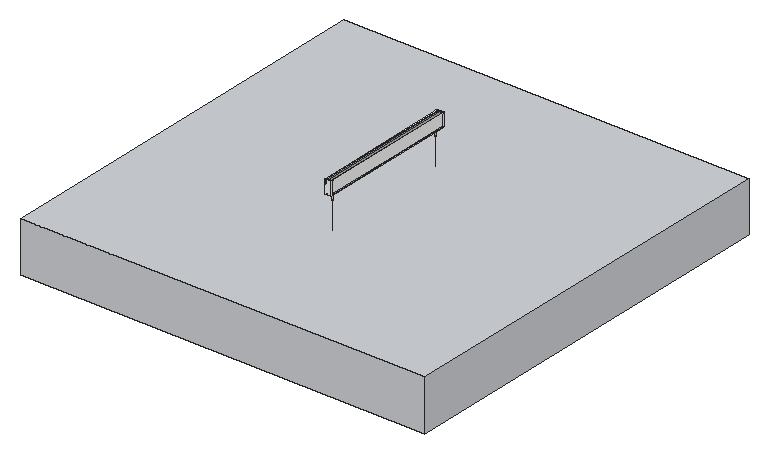
Revit family "LAMP_FIL 35 1680MM D-I OPAL COMFORT", category Luminarias, Revit 2018
Family settings
  Anfitrión = Cara
  Cota de conector redondo = Diámetro de uso
  Tipo de pieza = Normal
  Corte con vacíos al cargar = No
  Origen de luz = Sí
  Compartido = No
  Punto de cálculo de habitación = No
Parameters (values of type "3388LM 3000K  BLACK")
  Ángulo de inclinación = -90.00°
  Weight = 3.65 kg
  Wattage = 19.38 W
  Type = "MID POWER TRIDONIC"
  built-in parameter 1150107 = 3000 (stored number, unit not read)
  NOT COVER 2 [instance] = not(END COVER 2)  # no
  NOT COVER 1 [instance] = not(END COVER 1)  # no
  Indirect light = LAMP_FIL 35 1680MM D-I OPAL COMFORT_I : 3000K
  END COVER 2 [instance] = yes
  END COVER 1 [instance] = yes
  Suspension distance [instance] = if(Suspension > 4000 mm, 4000 mm, if(Suspension < 1 mm, 1 mm, Suspension))  # 200 mm
  Suspension [instance] = 200 mm
  built-in parameter 1150110 = 1 (stored number, unit not read)
  built-in parameter 1150109 = 1 (stored number, unit not read)
  built-in parameter 1150112 = 1 (stored number, unit not read)
  built-in parameter 1150113 = 1 (stored number, unit not read)
  built-in parameter 1114218 = 1 (stored number, unit not read)
  Protection rating = "IP20 / IK07"
  Product datasheet = "http://www.lamp.es/product-files/TECH/F31SF168LOIO830DG-EN.pdf"
  Product code = "F31SF168LOIO830DG"
  Product URL = "https://www.lamp.es/en/family/fil-35_413911"
  Power Supply = "220-240V 50/60Hz"
  Power = 27 W
  Plum = 32.3 W
  Photobiological risk = ""
  built-in parameter 1150137 = (empty or 0)
  built-in parameter 1150132 = 2
  Modelo = Product code  # "F31SF168LOIO830DG"
  Model Explanation = ""
  Material suspension = LAMP_Acero genérico
  Material perfil = LAMP_Aluminio Perfil Fil NG
  Material difusor = LAMP_PC Difusor Opal Fil
  Manufacturer name = "LAMP"
  Manufacturer country = "Spain"
  Manufacturer URL = "http://www.lamp.es/en"
  MacAdam = "3"
  Longitud de línea de emisión = 840 mm
  Last update = "14/05/2021"
  Lamp = "MID-POWER LED"
  LED Lifetime = "50.000 L90 B10"
  built-in parameter 1150105 = 161.78 (stored number, unit not read)
  built-in parameter 1150102 = (empty or 0)
  Insulation class = "I"
  Installation instructions = "https://www.lamp.es/product-files/INS/1004590-A%20INSTR.%20FIL35.pdf"
  built-in parameter 1150106 = 1.6178 (stored number, unit not read)
  IEE = "A+"
  Gear = "Electronic"
  Lumens = 2032.96 lm
  Finish = "Gloss grey"
  Color Filter = 16777215
  built-in parameter 1114217 = 1 (stored number, unit not read)
  built-in parameter 1150139 = (empty or 0)
  Fabricante = Manufacturer name  # "LAMP"
  Default Elevation = 1219.2 mm
  built-in parameter 1150104 = 9.7455 (stored number, unit not read)
  Efficacy = 104.9 lm/W
  Dimensions = "1680x35x80"
  Descripción = "FIL35 SUR 1680 2400 WW D/I OPAL DALI GR."
  built-in parameter 1150115 = 1 (stored number, unit not read)
  built-in parameter 1150114 = 1 (stored number, unit not read)
  built-in parameter 1150138 = (empty or 0)
  built-in parameter 1150134 = 3
  Dimming Lamp Color Temperature Shift = (empty or 0)
  CRI = "80"
  Archivo de red fotométrica = "F31SF168LOIC830NB_D.IES"
  built-in parameter 1150133 = 10 (stored number, unit not read)
Types (12, lengths in mm): name | built-in parameter 1150107 | Indirect light | Product datasheet | Product code | Modelo | Material perfil | built-in parameter 1150105 | built-in parameter 1150106 | Lumens | Finish | built-in parameter 1150104 | Efficacy | Descripción | Archivo de red fotométrica
  3209LM 3000K DALI BLACK | 3000 (stored number, unit not read) | LAMP_FIL 35 1680MM D-I OPAL COMFORT_I : 3000K | "http://www.lamp.es/product-files/TECH/F31SF168LOIC830NB-EN.pdf" | "F31SF168LOIC830NB" | "F31SF168LOIC830NB" | LAMP_Aluminio Perfil Fil NG | 153.14 (stored number, unit not read) | 1.5314 (stored number, unit not read) | 1924.43 lm | "Matte black RAL 9011" | 9.2253 (stored number, unit not read) | 99.3 lm/W | "FIL35 SUR 1680 2400 WW D/I COMF BK." | "F31SF168LOIC830NB_D.IES"
  3209LM 3000K DALI GREY | 3000 (stored number, unit not read) | LAMP_FIL 35 1680MM D-I OPAL COMFORT_I : 3000K | "http://www.lamp.es/product-files/TECH/F31SF168LOIC830NG-EN.pdf" | "F31SF168LOIC830NG" | "F31SF168LOIC830NG" | LAMP_Aluminio Perfil Fil GR | 153.14 (stored number, unit not read) | 1.5314 (stored number, unit not read) | 1924.43 lm | "Gloss grey" | 9.2253 (stored number, unit not read) | 99.3 lm/W | "FIL35 SUR 1680 2400 WW D/I COMF GR." | "F31SF168LOIC830NB_D.IES"
  3388LM 3000K DALI WHITE | 3000 (stored number, unit not read) | LAMP_FIL 35 1680MM D-I OPAL COMFORT_I : 3000K | "http://www.lamp.es/product-files/TECH/F31SF168LOIO830DB-EN.pdf" | "F31SF168LOIO830DB" | "F31SF168LOIO830DB" | LAMP_Aluminio Perfil Fil BL | 161.78 (stored number, unit not read) | 1.6178 (stored number, unit not read) | 2032.96 lm | "Matte black RAL 9011" | 9.7455 (stored number, unit not read) | 104.9 lm/W | "FIL35 SUR 1680 2400 WW D/I OPAL DALI BK." | "F31SF168LOIC830NB_D.IES"
  3388LM 3000K  BLACK | 3000 (stored number, unit not read) | LAMP_FIL 35 1680MM D-I OPAL COMFORT_I : 3000K | "http://www.lamp.es/product-files/TECH/F31SF168LOIO830DG-EN.pdf" | "F31SF168LOIO830DG" | "F31SF168LOIO830DG" | LAMP_Aluminio Perfil Fil NG | 161.78 (stored number, unit not read) | 1.6178 (stored number, unit not read) | 2032.96 lm | "Gloss grey" | 9.7455 (stored number, unit not read) | 104.9 lm/W | "FIL35 SUR 1680 2400 WW D/I OPAL DALI GR." | "F31SF168LOIC830NB_D.IES"
  3388LM 3000K  GREY | 3000 (stored number, unit not read) | LAMP_FIL 35 1680MM D-I OPAL COMFORT_I : 3000K | "http://www.lamp.es/product-files/TECH/F31SF168LOIO830DW-EN.pdf" | "F31SF168LOIO830DW" | "F31SF168LOIO830DW" | LAMP_Aluminio Perfil Fil GR | 161.78 (stored number, unit not read) | 1.6178 (stored number, unit not read) | 2032.96 lm | "Matte white RAL 9010" | 9.7455 (stored number, unit not read) | 104.9 lm/W | "FIL35 SUR 1680 2400 WW D/I OPAL DALI WH." | "F31SF168LOIC830NB_D.IES"
  3388LM 3000K  WHITE | 3000 (stored number, unit not read) | LAMP_FIL 35 1680MM D-I OPAL COMFORT_I : 3000K | "http://www.lamp.es/product-files/TECH/F31SF168LOIO830NW-EN.pdf" | "F31SF168LOIO830NW" | "F31SF168LOIO830NW" | LAMP_Aluminio Perfil Fil BL | 161.78 (stored number, unit not read) | 1.6178 (stored number, unit not read) | 2032.96 lm | "Matte white RAL 9010" | 9.7455 (stored number, unit not read) | 104.9 lm/W | "FIL35 SUR 1680 2400 WW D/I OPAL WH." | "F31SF168LOIC830NB_D.IES"
  3569LM 4000K DALI BLACK | 4000 (stored number, unit not read) | LAMP_FIL 35 1680MM D-I OPAL COMFORT_I : 4000K | "http://www.lamp.es/product-files/TECH/F31SF168LOIO840DB-EN.pdf" | "F31SF168LOIO840DB" | "F31SF168LOIO840DB" | LAMP_Aluminio Perfil Fil NG | 170.41 (stored number, unit not read) | 1.7041 (stored number, unit not read) | 2141.49 lm | "Matte black RAL 9011" | 10.266 (stored number, unit not read) | 110.5 lm/W | "FIL35 SUR 1680 2400 NW D/I OPAL DALI BK." | "F31SF168LOIO840NB_D.IES"
  3569LM 4000K DALI GREY | 4000 (stored number, unit not read) | LAMP_FIL 35 1680MM D-I OPAL COMFORT_I : 4000K | "http://www.lamp.es/product-files/TECH/F31SF168LOIO840DG-EN.pdf" | "F31SF168LOIO840DG" | "F31SF168LOIO840DG" | LAMP_Aluminio Perfil Fil GR | 170.41 (stored number, unit not read) | 1.7041 (stored number, unit not read) | 2141.49 lm | "Gloss grey" | 10.266 (stored number, unit not read) | 110.5 lm/W | "FIL35 SUR 1680 2400 NW D/I OPAL DALI GR." | "F31SF168LOIO840NB_D.IES"
  3569LM 4000K DALI WHITE | 4000 (stored number, unit not read) | LAMP_FIL 35 1680MM D-I OPAL COMFORT_I : 4000K | "http://www.lamp.es/product-files/TECH/F31SF168LOIO840DW-EN.pdf" | "F31SF168LOIO840DW" | "F31SF168LOIO840DW" | LAMP_Aluminio Perfil Fil BL | 170.41 (stored number, unit not read) | 1.7041 (stored number, unit not read) | 2141.49 lm | "Matte white RAL 9010" | 10.266 (stored number, unit not read) | 110.5 lm/W | "FIL35 SUR 1680 2400 NW D/I OPAL DALI WH." | "F31SF168LOIO840NB_D.IES"
  3569LM 4000K  BLACK | 4000 (stored number, unit not read) | LAMP_FIL 35 1680MM D-I OPAL COMFORT_I : 4000K | "http://www.lamp.es/product-files/TECH/F31SF168LOIO840NB-EN.pdf" | "F31SF168LOIO840NB" | "F31SF168LOIO840NB" | LAMP_Aluminio Perfil Fil NG | 170.41 (stored number, unit not read) | 1.7041 (stored number, unit not read) | 2141.49 lm | "Matte black RAL 9011" | 10.266 (stored number, unit not read) | 110.5 lm/W | "FIL35 SUR 1680 2400 NW D/I OPAL BK." | "F31SF168LOIO840NB_D.IES"
  3569LM 4000K  GREY | 4000 (stored number, unit not read) | LAMP_FIL 35 1680MM D-I OPAL COMFORT_I : 4000K | "http://www.lamp.es/product-files/TECH/F31SF168LOIO840NG-EN.pdf" | "F31SF168LOIO840NG" | "F31SF168LOIO840NG" | LAMP_Aluminio Perfil Fil GR | 170.41 (stored number, unit not read) | 1.7041 (stored number, unit not read) | 2141.49 lm | "Gloss grey" | 10.266 (stored number, unit not read) | 110.5 lm/W | "FIL35 SUR 1680 2400 NW D/I OPAL GR." | "F31SF168LOIO840NB_D.IES"
  3569LM 4000K  WHITE | 4000 (stored number, unit not read) | LAMP_FIL 35 1680MM D-I OPAL COMFORT_I : 4000K | "http://www.lamp.es/product-files/TECH/F31SF168LOIO840NW-EN.pdf" | "F31SF168LOIO840NW" | "F31SF168LOIO840NW" | LAMP_Aluminio Perfil Fil BL | 170.41 (stored number, unit not read) | 1.7041 (stored number, unit not read) | 2141.49 lm | "Matte white RAL 9010" | 10.266 (stored number, unit not read) | 110.5 lm/W | "FIL35 SUR 1680 2400 NW D/I OPAL WH." | "F31SF168LOIO840NB_D.IES"
Reference planes
  plane 1 "Centro (Frontal/Posterior)": y = 0
  plane 2: z = 0
  plane 3 "Centro (Izquierda/Derecha)": x = 0
Forms (mm)
  Extrusion 1, solid
    sketch origin (0, 0, 0) x (1, 0, 0) y (0, 1, 0)
      loop
        line (-1219.2, 1219.2) -> (-1219.2, -1219.2) -> (1219.2, -1219.2) -> (1219.2, 1219.2) -> (-1219.2, 1219.2)
    from 0 to -304.8
  Extrusion 2, solid, material "LAMP_Aluminio Perfil Fil NG" <- "Material perfil"
    sketch origin (0, 0, 0) x (1, 0, 0) y (0, 0, 1)
      loop
        arc (17.75, 285.7) -> (16.75, 286.7) -> (15.75, 285.7) r 1
        line (15.75, 285.7) -> (15.75, 284.2) -> (13.95, 284.2) -> (13.95, 259) -> (0, 259) -> (-13.95, 259) -> (-13.95, 284.2) -> (-15.75, 284.2) -> (-15.75, 285.7)
        arc (-15.75, 285.7) -> (-16.75, 286.7) -> (-17.75, 285.7) r 1
        line (-17.75, 285.7) -> (-17.75, 206.5) -> (-16.75, 206.5) -> (-16.75, 209.7) -> (-12.5, 209.7) -> (-12.5, 207.7) -> (-14.8, 207.7) -> (-13.6, 206.5) -> (-11, 206.5) -> (-11, 214.5) -> (0, 214.5) -> (11, 214.5) -> (11, 206.5) -> (13.6, 206.5) -> (14.8, 207.7) -> (12.5, 207.7) -> (12.5, 209.7) -> (16.75, 209.7) -> (16.75, 206.5) -> (17.75, 206.5) -> (17.75, 285.7)
    from -420 to 420
  Extrusion 3, solid, material "LAMP_Acero genérico" <- "Material suspension"
    sketch origin (0, 0, 0) x (1, 0, 0) y (0, 0, 1)
      loop
        line (-12.5, 201) -> (-15.291, 208.272) -> (-13.251, 209.7) -> (-14.251, 209.7) -> (-16.291, 208.272) -> (-13.116, 200) -> (0, 200) -> (13.116, 200) -> (16.291, 208.272) -> (14.251, 209.7) -> (13.251, 209.7) -> (15.291, 208.272) -> (12.5, 201) -> (0, 201) -> (-12.5, 201)
    from -400 to -378
  Extrusion 4, solid, material "LAMP_Acero genérico" <- "Material suspension"
    sketch origin (0, -24, 0) x (1, 0, 0) y (0, 1, 0)
      loop
        circle (0, -365) r 5
    from 163.2 to 200
  Extrusion 5, solid, material "LAMP_Acero genérico" <- "Material suspension"
    sketch origin (0, 24, 0) x (1, 0, 0) y (0, 1, 0)
      loop
        circle (0, 365) r 5
    from 163.2 to 200
  Extrusion 6, solid, material "LAMP_Acero genérico" <- "Material suspension"
    sketch origin (0, 0, 0) x (1, 0, 0) y (0, 1, 0)
      loop
        circle (0, -389) r 1
    from 0 to 163.2
  Extrusion 7, solid, material "LAMP_Acero genérico" <- "Material suspension"
    sketch origin (0, 0, 0) x (1, 0, 0) y (0, 1, 0)
      loop
        circle (0, 389) r 1
    from 0 to 163.2
  Extrusion 8, solid, material "LAMP_PC Difusor Opal Fil" <- "Material difusor"
    sketch origin (0, 0, -200) x (1, 0, 0) y (0, 0, 1)
      loop
        line (-15.75, 484.2) -> (0, 484.2) -> (15.75, 484.2) -> (15.75, 486.7) -> (0, 486.7) -> (-15.75, 486.7) -> (-15.75, 484.2)
    from 420 to -420
  Extrusion 9, solid, material "LAMP_Acero genérico" <- "Material suspension"
    sketch origin (0, 0, 0) x (1, 0, 0) y (0, 0, -1)
      loop
        line (-12.5, -201) -> (0, -201) -> (12.5, -201) -> (15.291, -208.272) -> (13.251, -209.7) -> (14.251, -209.7) -> (16.291, -208.272) -> (13.116, -200) -> (0, -200) -> (-13.116, -200) -> (-16.291, -208.272) -> (-14.251, -209.7) -> (-13.251, -209.7) -> (-15.291, -208.272) -> (-12.5, -201)
    from -400 to -378
  Extrusion 10, solid, material "LAMP_PC Difusor Opal Fil" <- "Material difusor"
    sketch origin (0, 0, 0) x (1, 0, 0) y (0, 0, 1)
      loop
        line (-11, 214.5) -> (-11, 206.5) -> (-7.529, 206.5) -> (11, 206.5) -> (11, 214.5) -> (10, 214.5) -> (10, 207.5) -> (-10, 207.5) -> (-10, 214.5) -> (-11, 214.5)
    from 420 to -420
Lines and regions (mm)
  reference lines
    curve 1: line (0, -445.47, 200) -> (0, 544.53, 200)
Text (mm)
  text "Any modification of the parameters and properties of the LAMP BIM models must be executed and validated by the LAMP technical department.\nPhone: +34 93 736 68 00\nE-mail: lamp@lamp.es\n\nLAMP reserves the right to modify the technical specifications of its products." at (3279.264, 5298.162, -2684.539), in view "Preview"
Dimensions and locks
  "Suspension distance": level to curve 1
  locked: Extrusion 4 to Extrusion 4 at 36.8
  locked: Extrusion 5 to Extrusion 5 at 36.8
  aligned and locked: plane 2 to Extrusion 1
  aligned and locked: level to Extrusion 1
  aligned and locked: curve 1 to Extrusion 9
  aligned and locked: curve 1 to Extrusion 3
  aligned and locked: Extrusion 4 to curve 1
  aligned and locked: Extrusion 5 to curve 1
  aligned and locked: Extrusion 6 to Extrusion 4
  aligned and locked: Extrusion 7 to Extrusion 5
  aligned and locked: Extrusion 2 to Extrusion 9
  aligned and locked: Extrusion 10 to Extrusion 2
  aligned and locked: Extrusion 8 to Extrusion 2
  aligned and locked: imposter light to Extrusion 8
  aligned and locked: Extrusion 2 to nested 1
  aligned and locked: nested 2 to Extrusion 2
Automatic sketch dimensions
  Extrusion 1 sketch curve to Extrusion 1 sketch curve = 2438.4 mm  (x2)
  Extrusion 4 sketch curve to plane 3 "Centro (Izquierda/Derecha)" = 0 mm
  plane 1 "Centro (Frontal/Posterior)" to Extrusion 4 sketch curve = 389 mm
  Extrusion 5 sketch curve to plane 3 "Centro (Izquierda/Derecha)" = 0 mm
  plane 1 "Centro (Frontal/Posterior)" to Extrusion 5 sketch curve = 389 mm
  Extrusion 6 sketch curve to plane 3 "Centro (Izquierda/Derecha)" = 0 mm
  plane 1 "Centro (Frontal/Posterior)" to Extrusion 6 sketch curve = 389 mm
  Extrusion 7 sketch curve to plane 3 "Centro (Izquierda/Derecha)" = 0 mm
  plane 1 "Centro (Frontal/Posterior)" to Extrusion 7 sketch curve = 389 mm
  Extrusion 10 sketch curve to plane 3 "Centro (Izquierda/Derecha)" = 11 mm
  Extrusion 10 sketch curve to Extrusion 10 sketch curve = 1 mm  (x3)
  Extrusion 10 sketch curve to Extrusion 10 sketch curve = 2.471 mm
  plane 3 "Centro (Izquierda/Derecha)" to Extrusion 10 sketch curve = 10 mm
  level to Extrusion 10 sketch curve = 206.5 mm
  Extrusion 10 sketch curve to Extrusion 10 sketch curve = 7 mm  (x2)
  Extrusion 2 sketch curve to plane 3 "Centro (Izquierda/Derecha)" = 0 mm  (x2)
  Extrusion 2 sketch curve to Extrusion 2 sketch curve = 11 mm
  Extrusion 2 sketch curve to Extrusion 2 sketch curve = 1.5 mm  (x4)
  Extrusion 2 sketch curve to Extrusion 2 sketch curve = 1.1 mm  (x2)
  Extrusion 2 sketch curve to plane 3 "Centro (Izquierda/Derecha)" = 13.95 mm
  Extrusion 2 sketch curve to Extrusion 2 sketch curve = 1.2 mm  (x4)
  Extrusion 2 sketch curve to Extrusion 2 sketch curve = 1.8 mm  (x2)
  Extrusion 2 sketch curve to Extrusion 2 sketch curve = 1 mm  (x3)
  plane 3 "Centro (Izquierda/Derecha)" to Extrusion 2 sketch curve = 11 mm
  plane 3 "Centro (Izquierda/Derecha)" to Extrusion 2 sketch curve = 13.95 mm
  Extrusion 2 sketch curve to Extrusion 2 sketch curve = 1.95 mm
  level to Extrusion 2 sketch curve = 206.5 mm
  Extrusion 2 sketch curve to Extrusion 2 sketch curve = 0 mm  (x3)
  Extrusion 2 sketch curve to Extrusion 2 sketch curve = 2 mm  (x2)
  Extrusion 2 sketch curve to Extrusion 2 sketch curve = 4.8 mm
  Extrusion 2 sketch curve to Extrusion 2 sketch curve = 44.5 mm
  Extrusion 2 sketch curve to Extrusion 2 sketch curve = 25.2 mm
  Extrusion 2 sketch curve to Extrusion 2 sketch curve = 26.7 mm
  Extrusion 8 sketch curve to plane 3 "Centro (Izquierda/Derecha)" = 0 mm  (x2)
  Extrusion 8 sketch curve to Extrusion 8 sketch curve = 15.75 mm
  plane 3 "Centro (Izquierda/Derecha)" to Extrusion 8 sketch curve = 15.75 mm
  level to Extrusion 8 sketch curve = 284.2 mm
  Extrusion 9 sketch curve to plane 3 "Centro (Izquierda/Derecha)" = 0 mm  (x2)
  Extrusion 9 sketch curve to Extrusion 9 sketch curve = 12.5 mm
  Extrusion 9 sketch curve to Extrusion 9 sketch curve = 0.616 mm  (x2)
  Extrusion 9 sketch curve to Extrusion 9 sketch curve = 0.751 mm  (x2)
  Extrusion 9 sketch curve to Extrusion 9 sketch curve = 1 mm  (x5)
  Extrusion 9 sketch curve to Extrusion 9 sketch curve = 1.04 mm  (x2)
  plane 3 "Centro (Izquierda/Derecha)" to Extrusion 9 sketch curve = 12.5 mm
  level to Extrusion 9 sketch curve = 209.7 mm
  Extrusion 9 sketch curve to Extrusion 9 sketch curve = 0 mm  (x3)
  Extrusion 9 sketch curve to Extrusion 9 sketch curve = 1.428 mm  (x2)
  Extrusion 9 sketch curve to Extrusion 9 sketch curve = 7.272 mm
  Extrusion 3 sketch curve to plane 3 "Centro (Izquierda/Derecha)" = 0 mm  (x2)
  Extrusion 3 sketch curve to Extrusion 3 sketch curve = 12.5 mm
  Extrusion 3 sketch curve to Extrusion 3 sketch curve = 0.616 mm  (x2)
  Extrusion 3 sketch curve to Extrusion 3 sketch curve = 0.751 mm  (x2)
  Extrusion 3 sketch curve to Extrusion 3 sketch curve = 1 mm  (x5)
  Extrusion 3 sketch curve to Extrusion 3 sketch curve = 1.04 mm  (x2)
  plane 3 "Centro (Izquierda/Derecha)" to Extrusion 3 sketch curve = 12.5 mm
  level to Extrusion 3 sketch curve = 200 mm
  Extrusion 3 sketch curve to Extrusion 3 sketch curve = 7.272 mm  (x2)
  Extrusion 3 sketch curve to Extrusion 3 sketch curve = 0 mm  (x2)
  Extrusion 3 sketch curve to Extrusion 3 sketch curve = 1.428 mm  (x2)
  Extrusion 8 sketch curve to Extrusion 8 sketch curve = 2.5 mm
  plane 1 "Centro (Frontal/Posterior)" to curve 1 = 445.47 mm
  curve 1 to plane 1 "Centro (Frontal/Posterior)" = 544.53 mm
  radius of Extrusion 4 sketch curve = 5 mm
  radius of Extrusion 5 sketch curve = 5 mm
  radius of Extrusion 6 sketch curve = 1 mm
  radius of Extrusion 7 sketch curve = 1 mm
Nested families
  nested 1: "LAMP_FIL 35 END COVER SURFACE" at (0, -421.4, 206.5), visible <- "END COVER 1", type "Blanco"
  nested 2: "LAMP_FIL 35 END COVER SURFACE" at (0, 421.4, 206.5), visible <- "END COVER 2", type "Blanco"
  nested 3: "LAMP_FIL 35 1680MM D-I OPAL COMFORT_I" at (0, 0.009, -1293.5), type "3000K"
Connectors
  electrical at (0, 389, 200)
    settings: on Extrusion 5, index 1, voltage 230 V, apparent load 0 VA, apparent load phase1 0 VA, apparent load phase2 0 VA, apparent load phase3 0 VA, power factor 1, load classification "Otro", number of poles 1, system type 31, power factor state 1, is connector primary yes, connector utility no, sub classification motor no, connector description ""
Definition of nested family "LAMP_FIL 35 END COVER SURFACE"
  Parameters (values of type "Blanco")
    Material tapa = none
  Reference planes
    plane 1 "Centro (Frontal/Posterior)": y = 0
    plane 2: z = 0
    plane 3 "Centro (Izquierda/Derecha)": x = 0
  Forms (mm)
    Extrusion 1, solid, material <- "Material tapa"
      sketch origin (0, 0, 0) x (0, -1, 0) y (0, 0, 1)
        loop
          line (0, 0) -> (1.4, 0) -> (1.4, 80.5) -> (-1.4, 80.5) -> (-1.4, 0) -> (0, 0)
      from -17.8 to 17.8
  Dimensions and locks
    aligned and locked: level to plane 2
Definition of nested family "LAMP_FIL 35 1680MM D-I OPAL COMFORT_I"
  Parameters (values of type "3000K")
    Tilt Angle = -90.00°
    Wattage = 12.92 W
    built-in parameter 1150110 = 1 (stored number, unit not read)
    built-in parameter 1114217 = 1 (stored number, unit not read)
    built-in parameter 1150109 = 1 (stored number, unit not read)
    built-in parameter 1150134 = (empty or 0)
    built-in parameter 1150113 = 1 (stored number, unit not read)
    Lumens = 1283.6 lm
    built-in parameter 1150115 = 1 (stored number, unit not read)
    built-in parameter 1150105 = 102.15 (stored number, unit not read)
    built-in parameter 1150137 = (empty or 0)
    built-in parameter 1150139 = (empty or 0)
    built-in parameter 1150112 = 1 (stored number, unit not read)
    built-in parameter 1150114 = 1 (stored number, unit not read)
    built-in parameter 1150132 = 2
    built-in parameter 1150102 = (empty or 0)
    built-in parameter 1150138 = (empty or 0)
    built-in parameter 1150107 = 3000 (stored number, unit not read)
    built-in parameter 1150106 = 1.0215 (stored number, unit not read)
    built-in parameter 1150104 = 9.2299 (stored number, unit not read)
    Dimming Lamp Color Temperature Shift = (empty or 0)
    Color Filter = 16777215
    built-in parameter 1114218 = 1 (stored number, unit not read)
    Photometric Web File = "F31SF168LOIC830NB_I.IES"
    built-in parameter 1150133 = 10 (stored number, unit not read)
  Types (3, lengths in mm): name | built-in parameter 1150134 | Lumens | built-in parameter 1150105 | built-in parameter 1150107 | built-in parameter 1150106 | built-in parameter 1150104 | Photometric Web File
    (no name) | (empty or 0) | 1283.6 lm | 102.15 (stored number, unit not read) | 3000 (stored number, unit not read) | 1.0215 (stored number, unit not read) | 9.2299 (stored number, unit not read) | "F31SF168LOIC830NB_I.IES"
    3000K | (empty or 0) | 1283.6 lm | 102.15 (stored number, unit not read) | 3000 (stored number, unit not read) | 1.0215 (stored number, unit not read) | 9.2299 (stored number, unit not read) | "F31SF168LOIC830NB_I.IES"
    4000K | 12 | 1427.66 lm | 223.16 (stored number, unit not read) | 4000 (stored number, unit not read) | 2.2316 (stored number, unit not read) | 10.266 (stored number, unit not read) | "F31SF168LOIO840NB_I.IES"
  Reference planes
    plane 1 "Eje de origen de luz (F/P)": y = 0
    plane 2: z = 0
    plane 3 "Eje de origen de luz (I/D)": x = 0
    plane 4 "Elevación de origen de luz": z = 1500
  Dimensions and locks
    aligned and locked: plane 3 "Eje de origen de luz (I/D)" to imposter light
    aligned and locked: plane 1 "Eje de origen de luz (F/P)" to imposter light
    aligned and locked: plane 4 "Elevación de origen de luz" to imposter light
    aligned and locked: level to plane 2
